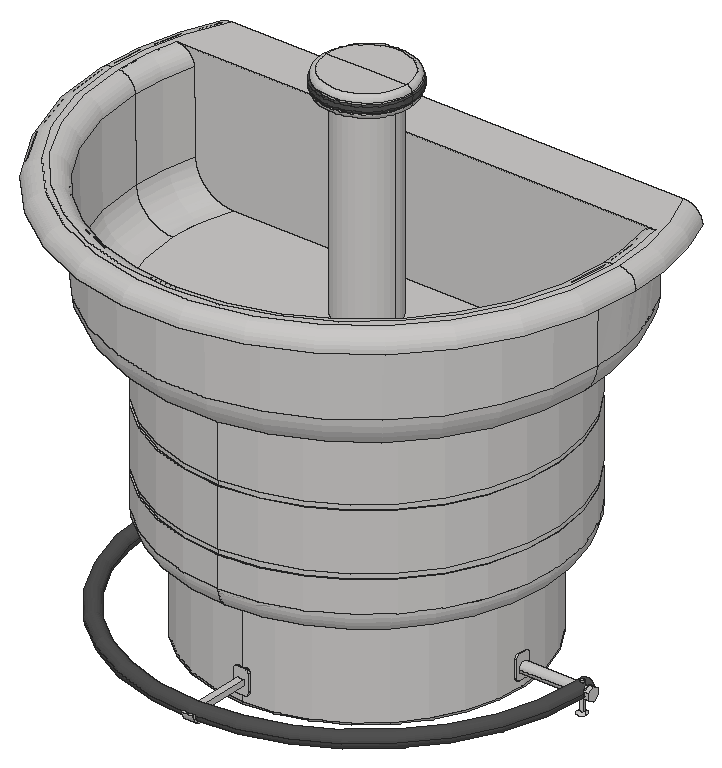
Revit family "Washfountain_Lavatory-Bradley_Corp-WF2703-Type_O_Drain", category Plumbing Fixtures, Revit 2012
Parameters
  Width = 36.000"
  Warranty Information = ""
  WFU = 0
  Voltage = 110 V
  Version = "2.0"
  URL = "http://www.bradleycorp.com/"
  Towel Dispenser Holder [instance] = if((Soap Dispenser), 4.875", 13.375")  # 13.375"
  Towel Dispenser Height [instance] = if((Sensor Module), 50.750", 47.250")  # 47.250"
  TouchTime® Control [instance] = no
  Technical Data = "n/a"
  Supply Height [instance] = if(and(Sensor Module, Soap Dispenser, Towel Dispenser), 67.063", if(and(Sensor Module, Soap Dispenser, No Towel Dispenser), 45.875", if(and(Sensor Module, No Soap Dispenser, No Towel Dispenser), 37.375", if(and(Sensor Module, No Soap Dispenser, Towel Dispenser), 67.063", if(and(No Sensor Module, No Soap Dispenser, No Towel Dispenser), 33.875", if(and(No Sensor Module, No Soap Dispenser, Towel Dispenser), 63.563", if(and(No Sensor Module, Soap Dispenser, No Towel Dispenser), 42.375", 63.563")))))))  # 33.875"
  Spray Head Height = 33.875"
  Specifications URL = "http://www.bradleycorp.com/3partspec"
  Soap Dispenser Holder [instance] = 2.500"  # constant formula
  Soap Dispenser Height [instance] = if((Sensor Module), 45.875", 42.375")  # 42.375"
  Sensor Module Height = 37.375"
  Sensor Module [instance] = not(Foot Control Valve)  # no
  Rim Height = 28.000"
  Product Tech Data URL - Spanish = ""
  Product Tech Data URL - French = ""
  Product Tech Data URL - English = "http://bradleycorp.com/download/2241/2017.pdf"
  Pedestal Material = Metal - Bradley Corp - Stainless Steel - Satin
  Pedestal Height = 19.000"
  Operating Water Pressure Range = "20 - 80 PSI"
  OmniClass Table 23 Title = "Sinks/Lavatories"
  OmniClass Table 23 Number = "23-31 13 00"
  OmniClass Table 21 Title = "Plumbing Fixtures"
  OmniClass Table 21 Number = "21-04 20 10 60"
  No Towel Dispenser [instance] = not(Towel Dispenser)  # yes
  No Soap Dispenser [instance] = not(Soap Dispenser)  # yes
  No Sensor Module [instance] = not(Sensor Module)  # yes
  Modeling Code = ""
  Model = "WF2703"
  Material Note = ""
  MasterFormat Title = "Commercial Lavatories and Sinks"
  MasterFormat Number = "22 42 16"
  Manufacturer = "Bradley Corp"
  Industry Standards = ""
  Hot Lavatory Inlet Radius = Hot Lavatory Inlet / 2  # 1/4"
  Hot Lavatory Inlet = 1/2"
  HWFU = 0
  Frequency = 50 Hz
  Foot Control Valve [instance] = not(or(TouchTime® Control, Air Valve Hand Control, Adaptive Infrared Activation Control))  # yes
  Flow Rate = 1.25 GPM
  Fire Rating = "n/a"
  Drain Secondary Radius = Drain Secondary / 2  # 1"
  Drain Secondary = 2"
  Drain Primary Radius = Drain Primary / 2  # 1"
  Drain Primary = 2"
  Drain Height [instance] = 12.000"
  Description = "Washfountain, 36\" Semi Circular with 9\" Deep Bowl"
  Copyright = "This Model Data is Property of Bradley Corporation"
  Cold Lavatory Inlet Radius = Cold Lavatory Inlet / 2  # 1/4"
  Cold Lavatory Inlet = 1/2"
  CWFU = 0
  Buy American Act = "No"
  Button Visibility [instance] = or(TouchTime® Control, Air Valve Hand Control)  # no
  Bowl Material [instance] = Metal - Bradley Corp - Stainless Steel - Polished
  Assembly Code = "D2010300"
  Air Valve Hand Control [instance] = no
  Adaptive Infrared Activation Control [instance] = no
  ADA Compliant = "Yes"
  Soap Dispenser [instance] = no
  Towel Dispenser [instance] = no
Reference planes (in)
  plane 1 "Center (Front/Back)": y = 0
  plane 2: z = 0
  plane 3 "Center (Left/Right)": x = 0
  plane 4 "Left": x = -18
  plane 5 "Right": x = 18
  plane 6 "Towel Dispenser": z = 47.25
  plane 7 "Soap Dispenser": z = 42.375
  plane 8 "Sensor Module": z = 37.375
  plane 9 "Spray Head": z = 33.875
  plane 10 "Rim Height": z = 28
  plane 11 "Pedestal Height": z = 19
  plane 12: y = -7.6967
  plane 13: z = 36.375
  plane 14 "Front": y = -26.03001
Forms (in)
  Sweep 1, solid, material "Metal - Bradley Corp - Stainless Steel - Polished" <- "Bowl Material", detail levels medium+fine
    path in 3D
      loop
        arc (18.28, -7.75, 28) -> (0, 10.53, 28) -> (-18.28, -7.75, 28) r 18.28
        arc (-18.28, -7.75, 28) -> (0, -26.03, 28) -> (18.28, -7.75, 28) r 18.28
    profile origin (0, -26.03, 28) x (0, 1, 0) y (0, 0, 1)
      loop
        line (16.3333, -9) -> (16.3333, -8.88) -> (5.20078, -8.88)
        arc (5.20078, -8.88) -> (3.4987, -8.21109) -> (2.70744, -6.56231) r 2.5
        line (2.70744, -6.56231) -> (2.65999, -1.125)
        arc (2.65999, -1.125) -> (2.33049, -0.3295) -> (1.53499, 0.00011) r 1.125
        line (1.53499, 0.00011) -> (1.12499, 0)
        arc (1.12499, 0) -> (0.3295, -0.3295) -> (-0.00001, -1.125) r 1.125
        line (-0.00001, -1.125) -> (0.11999, -1.125)
        arc (0.11999, -1.125) -> (0.41435, -0.41436) -> (1.12499, -0.11989) r 1.005
        line (1.12499, -0.11989) -> (1.53499, -0.12025)
        arc (1.53499, -0.12025) -> (2.24563, -0.41461) -> (2.53999, -1.12525) r 1.005
        line (2.53999, -1.12525) -> (2.58748, -6.56717)
        arc (2.58748, -6.56717) -> (3.41556, -8.29765) -> (5.20078, -9) r 2.62
        line (5.20078, -9) -> (16.3333, -9)
  Extrusion 2, void
    sketch origin (0, 0, 28) x (-1, 0, 0) y (0, -1, 0)
      loop
        line (18, -14) -> (18, 0) -> (-18, 0) -> (-18, -14) -> (18, -14)
    from -28 to 5.875
  Sweep 3, solid, material "Metal - Bradley Corp - Stainless Steel - Polished" <- "Bowl Material", detail levels coarse
    path in 3D
      loop
        arc (18.28, -7.75, 28) -> (0, 10.53, 28) -> (-18.28, -7.75, 28) r 18.28
        arc (-18.28, -7.75, 28) -> (0, -26.03, 28) -> (18.28, -7.75, 28) r 18.28
    profile origin (0, -26.03, 28) x (0, 1, 0) y (0, 0, 1)
      loop
        line (0, 0) -> (0, -1.125) -> (0.12, -1.125) -> (0.12, -0.12) -> (2.53999, -0.12) -> (2.53999, -9) -> (16.3333, -9) -> (16.3333, -8.88) -> (2.65999, -8.88) -> (2.65999, 0) -> (0, 0)
  Revolve 4, solid, material "Metal - Bradley Corp - Stainless Steel - Satin" <- "Pedestal Material", detail levels medium+fine
    sketch origin (0, 0, 0) x (0, 1, 0) y (0, 0, 1)
      loop
        line (-20.25001, 10.34788) -> (-20.17078, 10.34788) -> (-20.17078, 9.97288) -> (-20.25001, 9.97288) -> (-20.25001, 7.88979)
        arc (-20.25001, 7.88979) -> (-19.80162, 6.80727) -> (-18.7191, 6.35887) r 1.53091
        line (-18.7191, 6.35887) -> (-7.6967, 6.35887) -> (-7.6967, 19) -> (-20.25001, 19) -> (-20.25001, 14.53538) -> (-20.16608, 14.53538) -> (-20.16608, 14.16038) -> (-20.25001, 14.16038) -> (-20.25001, 10.34788)
      axis (-7.6967, 19) -> (-7.6967, 6.35887)
    angle from 0 to 360
  Revolve 5, solid, material "Metal - Bradley Corp - Stainless Steel - Satin" <- "Pedestal Material", detail levels coarse
    sketch origin (0, 0, 0) x (0, 1, 0) y (0, 0, 1)
      loop
        line (-20.25001, 19) -> (-20.25001, 6.35887) -> (-7.6967, 6.35887) -> (-7.6967, 19) -> (-20.25001, 19)
      axis (-7.6967, 19) -> (-7.6967, 6.35887)
    angle from 0 to 360
  Revolve 6, solid, material "Metal - Bradley Corp - Stainless Steel - Satin"
    sketch origin (0, 0, 0) x (0, 1, 0) y (0, 0, 1)
      loop
        arc (-18.18806, 0.1416) -> (-18.14659, 0.04147) -> (-18.04646, 0) r 0.1416
        line (-18.04646, 0) -> (-7.6967, 0) -> (-7.6967, 6.35887) -> (-17.97405, 6.35888) -> (-17.97405, 6.04595) -> (-18.18806, 6.04595) -> (-18.18806, 0.1416)
      axis (-7.6967, 6.35888) -> (-7.6967, 0)
    angle from 0 to 360
  Revolve 7, solid, material "Metal - Bradley Corp - Stainless Steel - Satin", detail levels medium+fine
    sketch origin (-3, -7.6967, 33.875) x (1, 0, 0) y (0, 0, 1)
      loop
        arc (0.31013, 0) -> (0.06618, -0.10105) -> (-0.03487, -0.345) r 0.345
        line (-0.03487, -0.345) -> (-0.03487, -0.44471)
        arc (-0.03487, -0.44471) -> (-0.09873, -0.47343) -> (-0.12487, -0.53838) r 0.09375
        line (-0.12487, -0.53838) -> (-0.12487, -0.85088)
        arc (-0.12487, -0.85088) -> (-0.09873, -0.91583) -> (-0.03487, -0.94456) r 0.09375
        line (-0.03487, -0.94456) -> (-0.03487, -1.04463)
        arc (-0.03487, -1.04463) -> (0.06618, -1.28859) -> (0.31013, -1.38963) r 0.345
        line (0.31013, -1.38963) -> (1.00013, -1.38963) -> (1.00013, -14.875) -> (3, -14.875) -> (3, 0) -> (0.31013, 0)
      axis (3, 0) -> (3, -14.875)
    angle from 0 to 360
  Revolve 8, solid, material "Metal - Bradley Corp - Stainless Steel - Satin", detail levels coarse
    sketch origin (-3, -7.6967, 33.875) x (1, 0, 0) y (0, 0, 1)
      loop
        line (-0.12487, -0.44471) -> (-0.12487, -0.94456) -> (0.31085, -1.38963) -> (1.00013, -1.38963) -> (1.00013, -14.875) -> (3, -14.875) -> (3, 0.00012) -> (0.31013, 0.00012) -> (-0.12487, -0.44471)
      axis (3, 0.00012) -> (3, -14.875)
    angle from 0 to 360
  Revolve 9, solid, material "Metal - Bradley Corp - Stainless Steel - Satin", visible <- "Sensor Module", detail levels fine
    sketch origin (-3, -7.6967, 37.375) x (1, 0, 0) y (0, 0, 1)
      loop
        arc (-1.45317, -0.20636) -> (-1.54025, -0.24993) -> (-1.57537, -0.34075) r 0.135
        line (-1.57537, -0.34075) -> (-1.57537, -0.56538) -> (-1.49987, -0.56538) -> (-1.49987, -1.98683)
        arc (-1.49987, -1.98683) -> (-1.48077, -2.08267) -> (-1.42639, -2.16387) r 0.25
        line (-1.42639, -2.16387) -> (-0.82283, -2.76742)
        arc (-0.82283, -2.76742) -> (-0.74182, -2.82142) -> (-0.64632, -2.84038) r 0.25
        line (-0.64632, -2.84038) -> (1.00013, -2.84038) -> (1.00013, -3.5) -> (3, -3.5) -> (3, 0) -> (0.90513, 0) -> (-1.45612, -0.2063)
      axis (3, 0) -> (3, -3.5)
    angle from 0 to 360
  Revolve 10, solid, material "Metal - Bradley Corp - Stainless Steel - Satin", visible <- "Sensor Module", detail levels coarse+medium
    sketch origin (-3, -7.6967, 37.375) x (1, 0, 0) y (0, 0, 1)
      loop
        line (-1.57537, -2.01488) -> (-0.74987, -2.84038) -> (1.00013, -2.84038) -> (1.00013, -3.5) -> (3, -3.5) -> (3, 0) -> (-1.57537, 0) -> (-1.57537, -2.01488)
      axis (3, 0) -> (3, -3.5)
    angle from 0 to 360
  Revolve 11, solid, material "Metal - Bradley Corp - Stainless Steel - Satin", visible <- "Soap Dispenser", detail levels fine
    sketch origin (-3, -7.6967, 42.375) x (1, 0, 0) y (0, 0, 1)
      loop
        line (-3.01408, -1.64235) -> (-2.98301, -1.64235) -> (-2.98301, -2.89235) -> (-2.93039, -2.89235) -> (-2.93039, -4.14235) -> (-2.87777, -4.14235) -> (-2.87777, -5.39235) -> (-2.81, -5.39235) -> (-2.81, -6) -> (3, -6) -> (3, 0) -> (-1.15684, 0)
        arc (-1.15684, 0) -> (-2.16098, -0.12055) -> (-3.13971, -0.37529) r 7.48917
        line (-3.13971, -0.37529) -> (-3.13971, -1.00047) -> (-3.01408, -1.00047) -> (-3.01408, -1.64235)
      axis (3, 0) -> (3, -6)
    angle from 360 to 180
  Revolve 12, solid, material "Metal - Bradley Corp - Stainless Steel - Satin", visible <- "Soap Dispenser", detail levels coarse+medium
    sketch origin (-3, -7.6967, 42.375) x (1, 0, 0) y (0, 0, 1)
      loop
        line (-3.13971, -1.00047) -> (-2.81, -6) -> (3, -6) -> (3, -1.00047) -> (-3.13971, -1.00047)
      axis (3, -1.00047) -> (3, -6)
    angle from 360 to 180
  Extrusion 13, solid, material "Metal - Bradley Corp - Stainless Steel - Satin", visible <- "Soap Dispenser", detail levels fine
    sketch origin (-3, -7.6967, 42.375) x (1, 0, 0) y (0, 0, 1)
      loop
        line (-3.01408, -1.64235) -> (-2.98301, -1.64235) -> (-2.98301, -2.89235) -> (-2.93039, -2.89235) -> (-2.93039, -4.14235) -> (-2.87777, -4.14235) -> (-2.87777, -5.39235) -> (-2.81, -5.39235) -> (-2.81, -6) -> (8.81, -6) -> (8.81, -5.39235) -> (8.87777, -5.39235) -> (8.87777, -4.14235) -> (8.93039, -4.14235) -> (8.93039, -2.89235) -> (8.98301, -2.89235) -> (8.98301, -1.64235) -> (9.01408, -1.64235) -> (9.01408, -1.00047) -> (9.13971, -1.00047) -> (9.13971, -0.37529)
        arc (9.13971, -0.37529) -> (8.16098, -0.12055) -> (7.15684, 0) r 7.48917
        line (7.15684, 0) -> (-1.15684, 0)
        arc (-1.15684, 0) -> (-2.16098, -0.12055) -> (-3.13971, -0.37529) r 7.48917
        line (-3.13971, -0.37529) -> (-3.13971, -1.00047) -> (-3.01408, -1.00047) -> (-3.01408, -1.64235)
    from 0 to -2.25
  Extrusion 14, solid, material "Metal - Bradley Corp - Stainless Steel - Satin", visible <- "Soap Dispenser", detail levels coarse+medium
    sketch origin (-3, -7.6967, 42.375) x (1, 0, 0) y (0, 0, 1)
      loop
        line (-3.13971, -1.00047) -> (-2.81, -6) -> (8.81, -6) -> (9.13971, -1.00047) -> (-3.13971, -1.00047)
    from 0 to -2.25
  Extrusion 15, solid, material "Metal - Bradley Corp - Stainless Steel - Satin", visible <- "Towel Dispenser"
    sketch origin (0, 0, 47.25) x (-1, 0, 0) y (0, -1, 0)
      loop
        line (0.06458, 14.08484) -> (-0.06458, 14.08484) -> (-5.56458, 4.55856) -> (-5.5, 4.4467) -> (5.5, 4.4467) -> (5.56458, 4.55856) -> (0.06458, 14.08484)
      loop
        circle (0, 7.6967) r 2
    from 14.62567 to 14.12567
  Extrusion 16, solid, material "Metal - Bradley Corp - Stainless Steel - Satin", visible <- "Towel Dispenser"
    sketch origin (-0.06458, -14.08484, 47.25) x (0, 0, 1) y (-0.866025, -0.5, 0)
      loop
        line (0, 0) -> (15.313, 0) -> (14.62567, 4) -> (1.37502, 4) -> (0, 1.75) -> (0, 0)
    from 0 to -11
  Extrusion 17, solid, material "Metal - Bradley Corp - Stainless Steel - Satin", visible <- "Towel Dispenser"
    sketch origin (5.56458, -4.55856, 47.25) x (0, 0, 1) y (0.866025, -0.5, 0)
      loop
        line (0, 0) -> (15.313, 0) -> (14.62567, 4) -> (1.37502, 4) -> (0, 1.75) -> (0, 0)
    from 0 to -11
  Extrusion 18, solid, material "Metal - Bradley Corp - Stainless Steel - Satin", visible <- "Towel Dispenser"
    sketch origin (0, 0, 47.25) x (-1, 0, 0) y (0, -1, 0)
      loop
        line (0.06458, 14.08484) -> (-0.06458, 14.08484) -> (-5.56458, 4.55856) -> (-5.5, 4.4467) -> (5.5, 4.4467) -> (5.56458, 4.55856) -> (0.06458, 14.08484)
      loop
        circle (0, 7.6967) r 2
    from 1.0786 to 1.5786
  Extrusion 19, solid, material "Metal - Bradley Corp - Stainless Steel - Satin", visible <- "Towel Dispenser"
    sketch origin (0, 0, 47.25) x (-1, 0, 0) y (0, -1, 0)
      loop
        circle (0, 7.6967) r 2
    from -13.375 to 16.313
  Extrusion 20, solid, material "Metal - Bradley Corp - Stainless Steel - Satin", visible <- "Soap Dispenser"
    sketch origin (0, 0, 42.375) x (-1, 0, 0) y (0, -1, 0)
      loop
        circle (0, 7.6967) r 2
    from -6 to -8.5
  Extrusion 21, solid, material "Metal - Bradley Corp - Stainless Steel - Polished", detail levels medium+fine
    sketch origin (0, 0, 28) x (-1, 0, 0) y (0, -1, 0)
      loop
        circle (-4, 7.6967) r 1.75
      loop
        circle (-4, 7.6967) r 0.1842
      loop
        circle (-4, 6.81899) r 0.1842
      loop
        circle (-3.12229, 7.6967) r 0.1842
      loop
        circle (-4, 8.57441) r 0.1842
      loop
        circle (-4.87771, 7.6967) r 0.1842
      loop
        circle (-4.62063, 7.07606) r 0.1842
      loop
        circle (-3.37937, 7.07606) r 0.1842
      loop
        circle (-3.37937, 8.31733) r 0.1842
      loop
        circle (-4.62063, 8.31733) r 0.1842
    from -8.88 to -8.93903
  Extrusion 22, void
    sketch origin (0, 0, 28) x (-1, 0, 0) y (0, -1, 0)
      loop
        circle (-4, 7.6967) r 1.75
    from -9 to -5.94946
  Sweep 23, solid, material "Plastic - Bradley Corp - Black", visible <- "Foot Control Valve"
    path in 3D
      loop
        line (15.00846, -7.1967, 0) -> (15.00846, -7.6967, 0)
        arc (15.00846, -7.6967, 0) -> (0, -22.70516, 0) -> (-15.00846, -7.6967, 0) r 15.00846
        line (-15.00846, -7.6967, 0) -> (-15.00846, -7.1967, 0)
    profile origin (-15.00846, -7.4467, 0) x (-1, 0, 0) y (0, 0, 1)
      loop
        circle (-0.5, 1.42499) r 0.49941
  Extrusion 24, solid, material "Metal - Bradley Corp - Stainless Steel - Satin", visible <- "Foot Control Valve", detail levels medium+fine
    sketch origin (0, 0, 0) x (0, 1, 0) y (0, 0, 1)
      loop
        line (-7.37851, 1.63949) -> (-7.75001, 1.85397) -> (-8.12151, 1.63949) -> (-8.12151, 1.21051) -> (-7.75001, 0.99603) -> (-7.37851, 1.21051) -> (-7.37851, 1.63949)
    from -15.32813 to -15.01563
  Extrusion 25, solid, material "Metal - Bradley Corp - Stainless Steel - Satin", visible <- "Foot Control Valve", detail levels medium+fine
    sketch origin (0, 0, 0) x (0, 1, 0) y (0, 0, 1)
      loop
        line (-7.75001, 1.85397) -> (-8.12151, 1.63948) -> (-8.12151, 1.21051) -> (-7.75001, 0.99603) -> (-7.37851, 1.21051) -> (-7.37851, 1.63949) -> (-7.75001, 1.85397)
    from 15.37923 to 15.04349
  Extrusion 26, solid, material "Metal - Bradley Corp - Stainless Steel - Satin", visible <- "Foot Control Valve"
    sketch origin (0, 0, 0) x (0, 1, 0) y (0, 0, 1)
      loop
        circle (-7.75001, 1.425) r 0.3715
    from -15.01563 to -10.61637
  Extrusion 27, solid, material "Metal - Bradley Corp - Stainless Steel - Satin", visible <- "Foot Control Valve"
    sketch origin (0, 0, 0) x (0, 1, 0) y (0, 0, 1)
      loop
        circle (-7.75001, 1.42499) r 0.3715
    from 10.61637 to 15.04349
  Extrusion 28, solid, material "Metal - Bradley Corp - Stainless Steel - Satin", visible <- "Foot Control Valve", detail levels fine
    sketch origin (0, 0, 0) x (1, 0, 0) y (0, 1, 0)
      loop
        circle (-14.57813, -7.6967) r 0.12
      loop
        circle (14.57813, -7.6967) r 0.12
    from 0.1445 to 1.99999
  Blend 29, solid, material "Metal - Bradley Corp - Stainless Steel - Satin", visible <- "Foot Control Valve", detail levels fine
    base sketch origin (0, 0, 0) x (1, 0, 0) y (0, 1, 0)
      loop
        circle (-14.57813, -7.6967) r 0.12
    top sketch origin (0, 0, 0) x (1, 0, 0) y (0, 1, 0)
      loop
        circle (-14.57813, -7.6967) r 0.327
    from 0.1445 to 0
  Blend 30, solid, material "Metal - Bradley Corp - Stainless Steel - Satin", visible <- "Foot Control Valve", detail levels fine
    base sketch origin (0, 0, 0) x (1, 0, 0) y (0, 1, 0)
      loop
        circle (14.57813, -7.6967) r 0.12
    top sketch origin (0, 0, 0) x (1, 0, 0) y (0, 1, 0)
      loop
        circle (14.57813, -7.6967) r 0.327
    from 0.1445 to 0
  Extrusion 31, solid, material "Metal - Bradley Corp - Stainless Steel - Satin", visible <- "Foot Control Valve"
    sketch origin (0, 0, 0) x (0, 1, 0) y (0, 0, 1)
      loop
        line (-7.25001, 0.921) -> (-7.25001, 2.046)
        arc (-7.25001, 2.046) -> (-7.32323, 2.22278) -> (-7.50001, 2.296) r 0.25
        line (-7.50001, 2.296) -> (-8.00001, 2.296)
        arc (-8.00001, 2.296) -> (-8.17679, 2.22278) -> (-8.25001, 2.046) r 0.25
        line (-8.25001, 2.046) -> (-8.25001, 0.921)
        arc (-8.25001, 0.921) -> (-8.17679, 0.74422) -> (-8.00001, 0.671) r 0.25
        line (-8.00001, 0.671) -> (-7.50001, 0.671)
        arc (-7.50001, 0.671) -> (-7.32323, 0.74422) -> (-7.25001, 0.921) r 0.25
    from -10.61637 to -10.49137
  Extrusion 32, solid, material "Metal - Bradley Corp - Stainless Steel - Satin", visible <- "Foot Control Valve"
    sketch origin (0, 0, 0) x (0, 1, 0) y (0, 0, 1)
      loop
        line (-7.50001, 2.296) -> (-8.00001, 2.296)
        arc (-8.00001, 2.296) -> (-8.17679, 2.22278) -> (-8.25001, 2.046) r 0.25
        line (-8.25001, 2.046) -> (-8.25001, 0.921)
        arc (-8.25001, 0.921) -> (-8.17679, 0.74422) -> (-8.00001, 0.671) r 0.25
        line (-8.00001, 0.671) -> (-7.50001, 0.671)
        arc (-7.50001, 0.671) -> (-7.32323, 0.74422) -> (-7.25001, 0.921) r 0.25
        line (-7.25001, 0.921) -> (-7.25001, 2.046)
        arc (-7.25001, 2.046) -> (-7.32323, 2.22278) -> (-7.50001, 2.296) r 0.25
    from 10.49137 to 10.61637
  Extrusion 33, solid, material "Metal - Bradley Corp - Stainless Steel - Satin", visible <- "Foot Control Valve", detail levels fine
    sketch origin (0, 0, 0) x (0, 1, 0) y (0, 0, 1)
      loop
        arc (-22.70153, 1.42499) -> (-22.75153, 1.47499) -> (-22.80153, 1.42499) r 0.05
        arc (-22.80153, 1.42499) -> (-22.10066, 0.83423) -> (-21.63707, 1.62499) r 0.59941
        line (-21.63707, 1.62499) -> (-21.74452, 1.62499)
        arc (-21.74452, 1.62499) -> (-22.09997, 0.93614) -> (-22.70153, 1.42499) r 0.49941
    from -0.40046 to 0.4
  Extrusion 34, solid, material "Metal - Bradley Corp - Stainless Steel - Satin", visible <- "Foot Control Valve", detail levels fine
    sketch origin (0, 0, 0) x (0, 1, 0) y (0, 0, 1)
      loop
        arc (-21.63707, 1.62499) -> (-21.60272, 1.42499) -> (-21.63707, 1.22499) r 0.59941
        line (-21.63707, 1.22499) -> (-18.31306, 1.22499) -> (-18.31306, 1.62499) -> (-21.63707, 1.62499)
    from -0.2 to 0.2
  Extrusion 35, solid, material "Default", not visible, detail levels fine
    sketch origin (0, 0, 0) x (1, 0, 0) y (0, 1, 0)
      loop
        circle (-0.875, -6.5) r 0.25
      loop
        circle (0.875, -6.5) r 0.25
    from 0 to 33.875
  Extrusion 36, solid, material "Metal - Bradley Corp - Stainless Steel - Satin", not visible, detail levels fine
    sketch origin (0, 0, 0) x (1, 0, 0) y (0, 1, 0)
      loop
        circle (4, -7.75) r 1
    from 0 to 3
  Extrusion 37, solid, material "Default", not visible, detail levels fine
    sketch origin (-3, -7.6967, 42.375) x (1, 0, 0) y (0, 0, 1)
      loop
        line (-0.5, -30.304) -> (-1.5, -30.304) -> (-1.5, -32.304) -> (-0.5, -32.304) -> (-0.5, -30.304)
    from -7.6967 to -4.6967
  Extrusion 38, solid, material "Metal - Bradley Corp - Stainless Steel - Satin", visible <- "Foot Control Valve", detail levels fine
    sketch origin (0, 0, 0) x (1, 0, 0) y (0, 0, 1)
      loop
        arc (-0.5, 0.921) -> (-0.42678, 0.74422) -> (-0.25, 0.671) r 0.25
        line (-0.25, 0.671) -> (0.25, 0.671)
        arc (0.25, 0.671) -> (0.42678, 0.74422) -> (0.5, 0.921) r 0.25
        line (0.5, 0.921) -> (0.5, 2.046)
        arc (0.5, 2.046) -> (0.42678, 2.22278) -> (0.25, 2.296) r 0.25
        line (0.25, 2.296) -> (-0.25, 2.296)
        arc (-0.25, 2.296) -> (-0.42678, 2.22278) -> (-0.5, 2.046) r 0.25
        line (-0.5, 2.046) -> (-0.5, 0.921)
    from 18.18806 to 18.31306
  Revolve 39, solid, material "Plastic - Bradley Corp - Black", visible <- "Soap Dispenser", detail levels coarse+medium
    sketch origin (-3, -7.6967, 42.375) x (1, 0, 0) y (0, 0, 1)
      loop
        line (3, 0) -> (-3.20569, 0) -> (-3.13971, -1.00047) -> (3, -1.00047) -> (3, 0)
      axis (3, 0) -> (3, -1.00047)
    angle from 180 to 360
  Extrusion 40, solid, material "Plastic - Bradley Corp - Black", visible <- "Soap Dispenser", detail levels coarse+medium
    sketch origin (-3, -7.6967, 42.375) x (1, 0, 0) y (0, 0, 1)
      loop
        line (-3.13971, -1.00047) -> (9.13971, -1.00047) -> (9.20569, 0) -> (-3.20569, 0) -> (-3.13971, -1.00047)
    from 0 to -2.25
  Extrusion 41, solid, material "Metal - Bradley Corp - Stainless Steel - Polished", visible <- "Button Visibility"
    sketch origin (-3, -7.6967, 37.375) x (1, 0, 0) y (0, 0, 1)
      loop
        circle (3, -1.29013) r 0.5
    from 4.57537 to 4.97537
  Extrusion 42, solid, material "Metal - Bradley Corp - Stainless Steel - Polished", visible <- "Button Visibility", detail levels fine
    sketch origin (-3, -7.6967, 37.375) x (1, 0, 0) y (0, 0, 1)
      loop
        circle (3, -1.29013) r 0.25
    from 4.5 to 4.57537
  Extrusion 43, solid, material "Metal - Bradley Corp - Stainless Steel - Polished" <- "Bowl Material", detail levels coarse
    sketch origin (0, 0, 28) x (-1, 0, 0) y (0, -1, 0)
      loop
        arc (-15.02958, 3.496) -> (-14.40216, 1.7033) -> (-13.56179, 0) r 15.62001
        line (-13.56179, 0) -> (13.56179, 0)
        arc (13.56179, 0) -> (14.40216, 1.7033) -> (15.02958, 3.496) r 15.62001
        line (15.02958, 3.496) -> (-15.02958, 3.496)
    from -8.88 to 0
  Extrusion 44, solid, material "Metal - Bradley Corp - Stainless Steel - Polished" <- "Bowl Material", detail levels medium+fine
    sketch origin (0, 0, 28) x (-1, 0, 0) y (0, -1, 0)
      loop
        arc (14.85408, 0) -> (15.7062, 1.70204) -> (16.34242, 3.496) r 15.44001
        line (16.34242, 3.496) -> (-16.34242, 3.496)
        arc (-16.34242, 3.496) -> (-15.7062, 1.70204) -> (-14.85408, 0) r 15.44001
        line (-14.85408, 0) -> (14.85408, 0)
    from -8.88 to 0
  Sweep 45, void
    path in 3D
      loop
        arc (18.28, -7.75, 28) -> (0, 10.53, 28) -> (-18.28, -7.75, 28) r 18.28
        arc (-18.28, -7.75, 28) -> (0, -26.03, 28) -> (18.28, -7.75, 28) r 18.28
    profile origin (0, -26.03, 28) x (0, 1, 0) y (0, 0, 1)
      loop
        line (2.64746, -6.56475) -> (2.59999, -1.12499)
        arc (2.59999, -1.12499) -> (2.28797, -0.37209) -> (1.53499, -0.05989) r 1.065
        line (1.53499, -0.05989) -> (1.12499, -0.06)
        arc (1.12499, -0.06) -> (0.37192, -0.37193) -> (0.05999, -1.125) r 1.065
        line (0.05999, -1.125) -> (0.05999, -9) -> (5.77999, -9) -> (5.77999, -8.94) -> (5.20078, -8.94)
        arc (5.20078, -8.94) -> (3.45713, -8.25437) -> (2.64746, -6.56475) r 2.56
  Extrusion 46, solid, material "Default", not visible
    sketch origin (0, 0, 0) x (1, 0, 0) y (0, 0, 1)
      loop
        circle (4, 12) r 1
    from 0 to 3
Cuts and joins
  Extrusion 2, Extrusion 22 cuts Sweep 1
  Sweep 45 cuts Extrusion 44
  joined: Sweep 1, Extrusion 44
  Extrusion 2, Extrusion 22 cuts Sweep 3
  joined: Sweep 3, Extrusion 43
  Extrusion 2 cuts Revolve 4
  Extrusion 2 cuts Revolve 5
  Extrusion 2 cuts Revolve 6
  joined: Revolve 11, Extrusion 13
  joined: Revolve 12, Extrusion 14
  joined: Extrusion 26, Extrusion 27
  joined: Revolve 39, Extrusion 40
Lines and regions (in)
  Masking region 1, detail levels medium+fine
    outline origin (-3, -7.6967, 33.875) x (1, 0, 0) y (0, 0, 1)
      loop
        arc (0.31013, 0) -> (0.06618, -0.10105) -> (-0.03487, -0.345) r 0.345
        line (-0.03487, -0.345) -> (-0.03487, -0.44471)
        arc (-0.03487, -0.44471) -> (-0.09873, -0.47343) -> (-0.12487, -0.53838) r 0.09375
        line (-0.12487, -0.53838) -> (-0.12487, -0.85088)
        arc (-0.12487, -0.85088) -> (-0.09873, -0.91583) -> (-0.03487, -0.94456) r 0.09375
        line (-0.03487, -0.94456) -> (-0.03487, -1.04463)
        arc (-0.03487, -1.04463) -> (0.06618, -1.28859) -> (0.31013, -1.38963) r 0.345
        line (0.31013, -1.38963) -> (1.00013, -1.38963) -> (1.00013, -5.875) -> (5.00013, -5.875) -> (5.00013, -1.38963) -> (5.68987, -1.38963)
        arc (5.68987, -1.38963) -> (5.93382, -1.28859) -> (6.03487, -1.04463) r 0.345
        line (6.03487, -1.04463) -> (6.03487, -0.94456)
        arc (6.03487, -0.94456) -> (6.09873, -0.91583) -> (6.12487, -0.85088) r 0.09375
        line (6.12487, -0.85088) -> (6.12487, -0.53838)
        arc (6.12487, -0.53838) -> (6.09873, -0.47343) -> (6.03487, -0.44471) r 0.09375
        line (6.03487, -0.44471) -> (6.03487, -0.34463)
        arc (6.03487, -0.34463) -> (5.93382, -0.10105) -> (5.68987, 0) r 0.345
        line (5.68987, 0) -> (0.31013, 0)
  Masking region 2, detail levels coarse
    outline origin (-3, -7.6967, 33.875) x (1, 0, 0) y (0, 0, 1)
      loop
        line (-0.12487, -0.44471) -> (-0.12487, -0.94456) -> (0.31085, -1.38963) -> (1.00013, -1.38963) -> (1.00013, -5.875) -> (5.00013, -5.875) -> (5.00013, -1.38963) -> (5.68915, -1.38963) -> (6.12487, -0.94456) -> (6.12487, -0.44471) -> (5.68999, 0) -> (0.31001, 0) -> (-0.12487, -0.44471)
  Masking region 3, visible <- "Sensor Module", detail levels coarse+medium
    outline origin (-3, -7.6967, 37.375) x (1, 0, 0) y (0, 0, 1)
      loop
        line (-1.57537, 0) -> (-1.57537, -2.01488) -> (-0.74987, -2.84038) -> (1.00013, -2.84038) -> (1.00013, -3.5) -> (4.99987, -3.5) -> (4.99987, -2.84038) -> (6.74987, -2.84038) -> (7.57537, -2.01488) -> (7.57537, 0) -> (-1.57537, 0)
  Masking region 4, visible <- "Sensor Module", detail levels fine
    outline origin (-3, -7.6967, 37.375) x (1, 0, 0) y (0, 0, 1)
      loop
        arc (-1.45317, -0.20636) -> (-1.54025, -0.24993) -> (-1.57537, -0.34075) r 0.135
        line (-1.57537, -0.34075) -> (-1.57537, -0.56538) -> (-1.49987, -0.56538) -> (-1.49987, -1.98683)
        arc (-1.49987, -1.98683) -> (-1.48077, -2.08267) -> (-1.42639, -2.16387) r 0.25
        line (-1.42639, -2.16387) -> (-0.82283, -2.76742)
        arc (-0.82283, -2.76742) -> (-0.74182, -2.82142) -> (-0.64632, -2.84038) r 0.25
        line (-0.64632, -2.84038) -> (1.00013, -2.84038) -> (1.00013, -3.5) -> (4.99987, -3.5) -> (4.99987, -2.84038) -> (6.64632, -2.84038)
        arc (6.64632, -2.84038) -> (6.74182, -2.82142) -> (6.82283, -2.76742) r 0.25
        line (6.82283, -2.76742) -> (7.42639, -2.16387)
        arc (7.42639, -2.16387) -> (7.48077, -2.08267) -> (7.49987, -1.98683) r 0.25
        line (7.49987, -1.98683) -> (7.49987, -0.56538) -> (7.57537, -0.56538) -> (7.57537, -0.34075)
        arc (7.57537, -0.34075) -> (7.54025, -0.24993) -> (7.45317, -0.20636) r 0.135
      loop
        line (7.45612, -0.2063) -> (5.09487, 0) -> (0.90513, 0) -> (-1.45612, -0.2063)
  Masking region 5, visible <- "Soap Dispenser", detail levels coarse+medium
    outline origin (-3, -7.6967, 42.375) x (1, 0, 0) y (0, 0, 1)
      loop
        line (-3.20569, 0) -> (-2.81, -6) -> (8.81, -6) -> (9.20569, 0) -> (-3.20569, 0)
  Masking region 6, visible <- "Soap Dispenser", detail levels fine
    outline origin (-3, -7.6967, 42.375) x (1, 0, 0) y (0, 0, 1)
      loop
        line (-3.01408, -1.64235) -> (-2.98301, -1.64235) -> (-2.98301, -2.89235) -> (-2.93039, -2.89235) -> (-2.93039, -4.14235) -> (-2.87777, -4.14235) -> (-2.87777, -5.39235) -> (-2.81, -5.39235) -> (-2.81, -6) -> (8.81, -6) -> (8.81, -5.39235) -> (8.87777, -5.39235) -> (8.87777, -4.14235) -> (8.93039, -4.14235) -> (8.93039, -2.89235) -> (8.98301, -2.89235) -> (8.98301, -1.64235) -> (9.01408, -1.64235) -> (9.01408, -1.00047) -> (9.13971, -1.00047) -> (9.13971, -0.37529)
        arc (9.13971, -0.37529) -> (8.16098, -0.12055) -> (7.15684, 0) r 7.48917
        line (7.15684, 0) -> (-1.15684, 0)
        arc (-1.15684, 0) -> (-2.16098, -0.12055) -> (-3.13971, -0.37529) r 7.48917
        line (-3.13971, -0.37529) -> (-3.13971, -1.00047) -> (-3.01408, -1.00047) -> (-3.01408, -1.64235)
  Masking region 7, visible <- "Soap Dispenser", detail levels fine
    outline origin (0, -4.6967, 42.375) x (0, -1, 0) y (0, 0, 1)
      loop
        line (9.01313, -1.64235) -> (9.01313, -1.00047) -> (9.13876, -1.00047) -> (9.13876, -0.37529)
        arc (9.13876, -0.37529) -> (8.16002, -0.12055) -> (7.15589, 0) r 7.48917
        line (7.15589, 0) -> (0.75, 0) -> (0.75, -6) -> (8.80905, -6) -> (8.80905, -5.39235) -> (8.87682, -5.39235) -> (8.87682, -4.14235) -> (8.92944, -4.14235) -> (8.92944, -2.89235) -> (8.98206, -2.89235) -> (8.98206, -1.64235) -> (9.01313, -1.64235)
  Masking region 8, visible <- "Soap Dispenser", detail levels coarse+medium
    outline origin (0, -4.6967, 42.375) x (0, -1, 0) y (0, 0, 1)
      loop
        line (0.75, 0) -> (0.75, -6) -> (8.80905, -6) -> (9.20569, 0) -> (0.75, 0)
  Masking region 9, visible <- "Sensor Module", detail levels coarse+medium
    outline origin (0, -4.6967, 37.375) x (0, -1, 0) y (0, 0, 1)
      loop
        line (-1.57537, 0) -> (-1.57537, -2.01488) -> (-0.74987, -2.84038) -> (1, -2.84038) -> (1, -3.5) -> (4.99987, -3.5) -> (4.99987, -2.84038) -> (6.74987, -2.84038) -> (7.57537, -2.01488) -> (7.57537, 0) -> (-1.57537, 0)
  Masking region 10, visible <- "Sensor Module", detail levels fine
    outline origin (0, -4.6967, 37.375) x (0, -1, 0) y (0, 0, 1)
      loop
        arc (-1.4533, -0.20636) -> (-1.54038, -0.24993) -> (-1.5755, -0.34075) r 0.135
        line (-1.5755, -0.34075) -> (-1.5755, -0.56538) -> (-1.5, -0.56538) -> (-1.5, -1.98683)
        arc (-1.5, -1.98683) -> (-1.4809, -2.08267) -> (-1.42651, -2.16387) r 0.25
        line (-1.42651, -2.16387) -> (-0.82296, -2.76742)
        arc (-0.82296, -2.76742) -> (-0.74195, -2.82142) -> (-0.64645, -2.84038) r 0.25
        line (-0.64645, -2.84038) -> (1, -2.84038) -> (1, -3.5) -> (4.99987, -3.5) -> (4.99987, -2.84038) -> (6.64645, -2.84038)
        arc (6.64645, -2.84038) -> (6.74195, -2.82142) -> (6.82296, -2.76742) r 0.25
        line (6.82296, -2.76742) -> (7.42651, -2.16387)
        arc (7.42651, -2.16387) -> (7.4809, -2.08267) -> (7.5, -1.98683) r 0.25
        line (7.5, -1.98683) -> (7.5, -0.56538) -> (7.5755, -0.56538) -> (7.5755, -0.34075)
        arc (7.5755, -0.34075) -> (7.54038, -0.24993) -> (7.4533, -0.20636) r 0.135
      loop
        line (7.45625, -0.2063) -> (5.095, 0) -> (0.905, 0) -> (-1.45625, -0.2063)
  Masking region 11, detail levels coarse+medium
    outline origin (0, 0, 0) x (0, 1, 0) y (0, 0, 1)
      loop
        line (-10.82157, 33.43029) -> (-10.82157, 32.93044) -> (-10.38585, 32.48537) -> (-9.6967, 32.48537) -> (-9.6967, 28) -> (-5.6967, 28) -> (-5.6967, 32.48537) -> (-5.00754, 32.48537) -> (-4.57183, 32.93044) -> (-4.57183, 33.43029) -> (-5.0067, 33.875) -> (-10.38669, 33.875) -> (-10.82157, 33.43029)
  Masking region 12, detail levels fine
    outline origin (0, -4.6967, 33.875) x (0, -1, 0) y (0, 0, 1)
      loop
        arc (0.31013, 0) -> (0.06618, -0.10105) -> (-0.03487, -0.345) r 0.345
        line (-0.03487, -0.345) -> (-0.03487, -0.44471)
        arc (-0.03487, -0.44471) -> (-0.09873, -0.47343) -> (-0.12487, -0.53838) r 0.09375
        line (-0.12487, -0.53838) -> (-0.12487, -0.85088)
        arc (-0.12487, -0.85088) -> (-0.09873, -0.91583) -> (-0.03487, -0.94456) r 0.09375
        line (-0.03487, -0.94456) -> (-0.03487, -1.04463)
        arc (-0.03487, -1.04463) -> (0.06618, -1.28859) -> (0.31013, -1.38963) r 0.345
        line (0.31013, -1.38963) -> (1.00013, -1.38963) -> (1.00013, -5.875) -> (5, -5.875) -> (5, -1.38963) -> (5.69029, -1.38963)
        arc (5.69029, -1.38963) -> (5.93424, -1.28859) -> (6.03529, -1.04463) r 0.345
        line (6.03529, -1.04463) -> (6.03487, -0.94456)
        arc (6.03487, -0.94456) -> (6.09873, -0.91583) -> (6.12487, -0.85088) r 0.09375
        line (6.12487, -0.85088) -> (6.12487, -0.53838)
        arc (6.12487, -0.53838) -> (6.09873, -0.47343) -> (6.03487, -0.44471) r 0.09375
        line (6.03487, -0.44471) -> (6.03487, -0.34463)
        arc (6.03487, -0.34463) -> (5.93382, -0.10105) -> (5.68987, 0) r 0.345
        line (5.68987, 0) -> (0.31013, 0)
  Masking region 13, detail levels medium+fine
    outline origin (0, 0, 0) x (1, 0, 0) y (0, 0, 1)
      loop
        line (16.875, 28.00019) -> (-16.875, 28.00019)
        arc (-16.875, 28.00019) -> (-17.6705, 27.6705) -> (-18, 26.875) r 1.125
        line (-18, 26.875) -> (-15.46, 26.875) -> (-15.41251, 21.43283)
        arc (-15.41251, 21.43283) -> (-14.58443, 19.70235) -> (-12.79921, 19) r 2.62
        line (-12.79921, 19) -> (12.79921, 19)
        arc (12.79921, 19) -> (14.58443, 19.70235) -> (15.41251, 21.43283) r 2.62
        line (15.41251, 21.43283) -> (15.46, 26.875) -> (18, 26.875)
        arc (18, 26.875) -> (17.6705, 27.6705) -> (16.875, 28.00019) r 1.125
  Masking region 14, detail levels coarse
    outline origin (0, 0, 0) x (1, 0, 0) y (0, 0, 1)
      loop
        line (-18, 26.875) -> (-15.74001, 26.875) -> (-15.74001, 19) -> (15.74001, 19) -> (15.74001, 26.875) -> (18, 26.875) -> (18, 28) -> (-18, 28) -> (-18, 26.875)
  Masking region 15, detail levels medium+fine
    outline origin (-3, -7.6967, 42.375) x (1, 0, 0) y (0, 0, 1)
      loop
        line (15.55331, -32.02712) -> (15.55331, -28.21462) -> (15.46938, -28.21462) -> (15.46938, -27.83962) -> (15.55331, -27.83962) -> (15.55331, -23.375) -> (-9.55331, -23.375) -> (-9.55331, -27.83962) -> (-9.46938, -27.83962) -> (-9.46938, -28.21462) -> (-9.55331, -28.21462) -> (-9.55331, -32.02712) -> (-9.47408, -32.02712) -> (-9.47408, -32.40212) -> (-9.55331, -32.40212) -> (-9.55331, -34.48521)
        arc (-9.55331, -34.48521) -> (-9.10492, -35.56773) -> (-8.0224, -36.01613) r 1.53091
        line (-8.0224, -36.01613) -> (-7.27735, -36.01613) -> (-7.27735, -36.32905) -> (-7.49137, -36.32905) -> (-7.49137, -42.24212)
        arc (-7.49137, -42.24212) -> (-7.44392, -42.34471) -> (-7.33503, -42.375) r 0.13464
        line (-7.33503, -42.375) -> (13.33503, -42.375)
        arc (13.33503, -42.375) -> (13.44392, -42.34471) -> (13.49137, -42.24212) r 0.13464
        line (13.49137, -42.24212) -> (13.49137, -36.32905) -> (13.27736, -36.32905) -> (13.27736, -36.01613) -> (14.0224, -36.01613)
        arc (14.0224, -36.01613) -> (15.10492, -35.56773) -> (15.55331, -34.48521) r 1.53091
        line (15.55331, -34.48521) -> (15.55331, -32.40212) -> (15.47408, -32.40212) -> (15.47408, -32.02712) -> (15.55331, -32.02712)
  Masking region 16, detail levels coarse
    outline origin (-3, -7.6967, 42.375) x (1, 0, 0) y (0, 0, 1)
      loop
        line (-9.55331, -36.01613) -> (-7.49137, -36.01613) -> (-7.49137, -42.375) -> (13.49137, -42.375) -> (13.49137, -36.01612) -> (15.55331, -36.01612) -> (15.55331, -23.375) -> (-9.55331, -23.375) -> (-9.55331, -36.01613)
  Masking region 17, detail levels medium+fine
    outline origin (0, 0, 0) x (0, 1, 0) y (0, 0, 1)
      loop
        line (0, 19) -> (0, 28) -> (-24.90501, 28)
        arc (-24.90501, 28) -> (-25.70051, 27.6705) -> (-26.03001, 26.875) r 1.125
        line (-26.03001, 26.875) -> (-23.49001, 26.875) -> (-23.44252, 21.43283)
        arc (-23.44252, 21.43283) -> (-22.61444, 19.70235) -> (-20.82922, 19) r 2.62
        line (-20.82922, 19) -> (0, 19)
  Masking region 18, detail levels coarse
    outline origin (0, 0, 0) x (0, 1, 0) y (0, 0, 1)
      loop
        line (0, 28) -> (-26.03, 28) -> (-26.03, 26.875) -> (-23.49001, 26.875) -> (-23.49001, 19) -> (0, 19) -> (0, 28)
  Masking region 19, detail levels coarse
    outline origin (0, 0, 0) x (0, 1, 0) y (0, 0, 1)
      loop
        line (-20.25001, 19) -> (-20.25001, 6.35888) -> (-18.18806, 6.35888) -> (-18.18806, 0) -> (0, 0) -> (0, 19) -> (-20.25001, 19)
  Masking region 20, detail levels medium+fine
    outline origin (0, 0, 0) x (0, 1, 0) y (0, 0, 1)
      loop
        line (-20.25001, 10.34788) -> (-20.17078, 10.34788) -> (-20.17078, 9.97288) -> (-20.25001, 9.97288) -> (-20.25001, 7.88979)
        arc (-20.25001, 7.88979) -> (-19.80162, 6.80727) -> (-18.7191, 6.35888) r 1.53091
        line (-18.7191, 6.35888) -> (-17.97405, 6.35888) -> (-17.97405, 6.04595) -> (-18.18806, 6.04595) -> (-18.18806, 0.14849)
        arc (-18.18806, 0.14849) -> (-18.14754, 0.04378) -> (-18.04414, 0) r 0.144
        line (-18.04414, 0) -> (0, 0) -> (0, 19) -> (-20.25001, 19) -> (-20.25001, 14.53538) -> (-20.16608, 14.53538) -> (-20.16608, 14.16038) -> (-20.25001, 14.16038) -> (-20.25001, 10.34788)
  Split face 1
    outline origin (-1.58013, -14.95984, 47.25) x (-0.73896, -0.426639, 0.521456) y (-0.5, 0.866025, 0)
      loop
        line (2.06845, 1.5) -> (2.06845, 9.5)
        arc (2.06845, 9.5) -> (1.31845, 10.25) -> (0.56845, 9.5) r 0.75
        line (0.56845, 9.5) -> (0.56845, 1.5)
        arc (0.56845, 1.5) -> (1.31845, 0.75) -> (2.06845, 1.5) r 0.75
  Split face 2
    outline origin (7.08013, -5.43356, 47.25) x (0.73896, -0.426639, 0.521456) y (-0.5, -0.866025, 0)
      loop
        arc (2.06845, 9.5) -> (1.31845, 10.25) -> (0.56845, 9.5) r 0.75
        line (0.56845, 9.5) -> (0.56845, 1.5)
        arc (0.56845, 1.5) -> (1.31845, 0.75) -> (2.06845, 1.5) r 0.75
        line (2.06845, 1.5) -> (2.06845, 9.5)
  Masking region 21, visible <- "Towel Dispenser"
    outline origin (-3, -7.6967, 42.375) x (1, 0, 0) y (0, 0, 1)
      loop
        line (1, 4.875) -> (1, -8.5) -> (5.00013, -8.5) -> (5.00013, 4.875) -> (1, 4.875)
  Masking region 22, visible <- "Soap Dispenser"
    outline origin (-3, -7.6967, 42.375) x (1, 0, 0) y (0, 0, 1)
      loop
        line (1, -6) -> (1, -8.5) -> (5.00013, -8.5) -> (5.00013, -6) -> (1, -6)
  Masking region 23, visible <- "Soap Dispenser"
    outline origin (0, 0, 0) x (0, 1, 0) y (0, 0, 1)
      loop
        line (-5.6967, 33.875) -> (-5.6967, 36.375) -> (-9.6967, 36.375) -> (-9.6967, 33.875) -> (-5.6967, 33.875)
  Masking region 24, visible <- "Towel Dispenser"
    outline origin (0, 0, 0) x (0, 1, 0) y (0, 0, 1)
      loop
        line (-5.6967, 47.25) -> (-9.6967, 47.25) -> (-9.6967, 33.875) -> (-5.6967, 33.875) -> (-5.6967, 47.25)
  Masking region 25, visible <- "Towel Dispenser"
    outline origin (0, -4.6967, 47.25) x (0, -1, 0) y (0, 0, 1)
      loop
        line (-4.25, 14.62567) -> (-4.25, 1.37502) -> (-2, 0) -> (10.26314, 0) -> (11.38814, 1.37502) -> (11.38814, 14.62567) -> (9.38814, 15.313) -> (5, 15.313) -> (5, 16.313) -> (1, 16.313) -> (1, 15.313) -> (-0.25, 15.313) -> (-4.25, 14.62567)
  Masking region 26, visible <- "Towel Dispenser"
    outline origin (-3, -7.6967, 47.25) x (1, 0, 0) y (0, 0, 1)
      loop
        line (-6.02868, 14.62567) -> (-6.02868, 1.37502) -> (-4.08013, 0) -> (1, 0) -> (5.00013, 0) -> (10.08013, 0) -> (12.02868, 1.37502) -> (12.02868, 14.62567) -> (8.56458, 15.313) -> (5, 15.313) -> (5, 16.313) -> (1, 16.313) -> (1, 15.313) -> (-2.56458, 15.313) -> (-6.02868, 14.62567)
  Masking region 27, visible <- "Foot Control Valve"
    outline origin (0, -27.53001, 0) x (-1, 0, 0) y (0, 0, 1)
      loop
        line (14.50846, 1.9244) -> (-14.50846, 1.9244)
        arc (-14.50846, 1.9244) -> (-15.00787, 1.42499) -> (-14.50846, 0.92558) r 0.49941
        line (-14.50846, 0.92558) -> (-0.4, 0.92558) -> (0.40046, 0.92558) -> (14.50846, 0.92558)
        arc (14.50846, 0.92558) -> (15.00787, 1.42499) -> (14.50846, 1.9244) r 0.49941
  Masking region 28, visible <- "Foot Control Valve", detail levels fine
    outline origin (0, 0, 0) x (1, 0, 0) y (0, 0, 1)
      loop
        line (-10.61637, 2.296) -> (-10.61637, 0.671) -> (-10.49137, 0.671) -> (-10.49137, 2.296) -> (-10.61637, 2.296)
      loop
        line (-14.45813, 1.92186) -> (-14.45813, 1.99999) -> (-14.69813, 1.99999) -> (-14.69813, 1.88698)
        arc (-14.69813, 1.88698) -> (-14.58028, 1.91921) -> (-14.45813, 1.92186) r 0.49941
      loop
        line (-15.01563, 1.7965) -> (-15.01563, 1.85397) -> (-15.32813, 1.85397) -> (-15.32813, 0.99603) -> (-15.01563, 0.99603) -> (-15.01563, 1.0535) -> (-14.84223, 1.0535)
        arc (-14.84223, 1.0535) -> (-15.00787, 1.425) -> (-14.84221, 1.7965) r 0.49941
        line (-14.84221, 1.7965) -> (-15.01563, 1.7965)
      loop
        line (-14.45813, 0.1445) -> (-14.45813, 0.92813)
        arc (-14.45813, 0.92813) -> (-14.58028, 0.93078) -> (-14.69813, 0.963) r 0.49941
        line (-14.69813, 0.963) -> (-14.69813, 0.1445) -> (-14.90513, 0) -> (-14.25113, 0) -> (-14.45813, 0.1445)
      loop
        line (10.61637, 2.296) -> (10.49137, 2.296) -> (10.49137, 0.671) -> (10.61637, 0.671) -> (10.61637, 2.296)
      loop
        arc (14.45813, 1.92186) -> (14.58028, 1.91921) -> (14.69813, 1.88698) r 0.49941
        line (14.69813, 1.88698) -> (14.69813, 1.99999) -> (14.45813, 1.99999) -> (14.45813, 1.92186)
      loop
        line (15.04349, 1.85397) -> (15.04349, 1.79649) -> (14.84222, 1.79649)
        arc (14.84222, 1.79649) -> (15.00787, 1.42499) -> (14.84222, 1.05349) r 0.49941
        line (14.84222, 1.05349) -> (15.04349, 1.05349) -> (15.04349, 0.99603) -> (15.37923, 0.99603) -> (15.37923, 1.85397) -> (15.04349, 1.85397)
      loop
        arc (14.69813, 0.963) -> (14.58028, 0.93078) -> (14.45813, 0.92813) r 0.49941
        line (14.45813, 0.92813) -> (14.45813, 0.1445) -> (14.25113, 0) -> (14.90513, 0) -> (14.69813, 0.1445) -> (14.69813, 0.963)
  Masking region 29, visible <- "Foot Control Valve"
    outline origin (0, 0, 0) x (0, 1, 0) y (0, 0, 1)
      loop
        line (-7.1967, 1.9244) -> (-22.20213, 1.9244)
        arc (-22.20213, 1.9244) -> (-22.70153, 1.42499) -> (-22.20213, 0.92558) r 0.49941
        line (-22.20213, 0.92558) -> (-7.1967, 0.92558) -> (-7.1967, 1.9244)
  Masking region 30, visible <- "Foot Control Valve", detail levels fine
    outline origin (0, 0, 0) x (0, 1, 0) y (0, 0, 1)
      loop
        line (-7.75001, 1.85397) -> (-8.12151, 1.63948) -> (-8.12151, 1.21051) -> (-7.75001, 0.99603) -> (-7.37851, 1.21051) -> (-7.37851, 1.63949) -> (-7.75001, 1.85397)
      loop
        line (-7.5767, 0.671) -> (-7.50111, 0.671)
        arc (-7.50111, 0.671) -> (-7.32224, 0.74577) -> (-7.24977, 0.92558) r 0.25136
        line (-7.24977, 0.92558) -> (-8.25018, 0.92558)
        arc (-8.25018, 0.92558) -> (-8.17772, 0.74577) -> (-7.99885, 0.671) r 0.25136
        line (-7.99885, 0.671) -> (-7.8167, 0.671) -> (-7.8167, 0.1445) -> (-8.02306, 0) -> (-7.37033, 0) -> (-7.5767, 0.1445) -> (-7.5767, 0.671)
      loop
        arc (-22.70153, 1.42499) -> (-22.75153, 1.47499) -> (-22.80153, 1.42499) r 0.05
        arc (-22.80153, 1.42499) -> (-22.4855, 0.89679) -> (-21.87064, 0.92558) r 0.59941
        line (-21.87064, 0.92558) -> (-22.20213, 0.92558)
        arc (-22.20213, 0.92558) -> (-22.55526, 1.07186) -> (-22.70153, 1.42499) r 0.49941
      loop
        arc (-7.25001, 2.046) -> (-7.32323, 2.22278) -> (-7.50001, 2.296) r 0.25
        line (-7.50001, 2.296) -> (-8.00001, 2.296)
        arc (-8.00001, 2.296) -> (-8.17679, 2.22278) -> (-8.25001, 2.046) r 0.25
        line (-8.25001, 2.046) -> (-8.25001, 1.9244) -> (-7.25001, 1.9244) -> (-7.25001, 2.046)
      loop
        line (-18.18806, 2.296) -> (-18.31306, 2.296) -> (-18.31306, 1.9244) -> (-18.18806, 1.9244) -> (-18.18806, 2.296)
      loop
        line (-18.31306, 0.671) -> (-18.18806, 0.671) -> (-18.18806, 0.92558) -> (-18.31306, 0.92558) -> (-18.31306, 0.671)
  Masking region 31, visible <- "Foot Control Valve", detail levels fine
    outline origin (0, -27.53001, 0) x (-1, 0, 0) y (0, 0, 1)
      loop
        line (0.40046, 1.47499) -> (-0.4, 1.47499) -> (-0.4, 0.92558) -> (-0.49961, 0.92558)
        arc (-0.49961, 0.92558) -> (-0.42624, 0.74846) -> (-0.24912, 0.67509) r 0.25049
        line (-0.24912, 0.67509) -> (0.24925, 0.67509)
        arc (0.24925, 0.67509) -> (0.4264, 0.74847) -> (0.49978, 0.92563) r 0.25053
        line (0.49978, 0.92563) -> (0.40046, 0.92563) -> (0.40046, 1.47499)
      loop
        line (0.25, 2.296) -> (-0.25, 2.296)
        arc (-0.25, 2.296) -> (-0.42678, 2.22278) -> (-0.5, 2.046) r 0.25
        line (-0.5, 2.046) -> (-0.5, 1.9244) -> (0.5, 1.9244) -> (0.5, 2.046)
        arc (0.5, 2.046) -> (0.42678, 2.22278) -> (0.25, 2.296) r 0.25
  Masking region 32
    outline origin (0, 0, 28) x (-1, 0, 0) y (0, -1, 0)
      loop
        arc (16.58069, 0) -> (0, 25.9767) -> (-16.58069, 0) r 18.28
        line (-16.58069, 0) -> (16.58069, 0)
  Masking region 33, visible <- "Towel Dispenser"
    outline origin (0, 0, 47.25) x (-1, 0, 0) y (0, -1, 0)
      loop
        line (9.02868, 6.55856) -> (3.52868, 16.08484) -> (0.06458, 14.08484) -> (-0.06458, 14.08484) -> (-3.52868, 16.08484) -> (-9.02868, 6.55856) -> (-5.56458, 4.55856) -> (-5.5, 4.4467) -> (5.5, 4.4467) -> (5.56458, 4.55856) -> (9.02868, 6.55856)
  Masking region 34, visible <- "Soap Dispenser"
    outline origin (0, 0, 42.375) x (-1, 0, 0) y (0, -1, 0)
      loop
        line (6.20569, 5.4467) -> (6.20569, 7.6967)
        arc (6.20569, 7.6967) -> (0, 13.90239) -> (-6.20569, 7.6967) r 6.20569
        line (-6.20569, 7.6967) -> (-6.20569, 5.4467) -> (6.20569, 5.4467)
  Masking region 35, visible <- "Sensor Module"
    outline origin (0, 0, 37.375) x (-1, 0, 0) y (0, -1, 0)
      loop
        circle (0, 7.6967) r 4.57537
  Masking region 36
    outline origin (0, 0, 33.875) x (-1, 0, 0) y (0, -1, 0)
      loop
        circle (0, 7.6967) r 3.12487
  Split face 3
    outline origin (-6.01408, -5.4467, 40.73265) x (0, 0, 1) y (1, 0, 0)
      loop
        line (0.64189, 12.02816) -> (0.64189, 0)
  Masking region 37, visible <- "Button Visibility"
    outline origin (0, -4.6967, 37.375) x (0, -1, 0) y (0, 0, 1)
      loop
        line (7.57537, -0.79013) -> (7.57537, -1.79013) -> (7.97537, -1.79013) -> (7.97537, -0.79013) -> (7.57537, -0.79013)
  Masking region 38, visible <- "Button Visibility", detail levels fine
    outline origin (0, -4.6967, 37.375) x (0, -1, 0) y (0, 0, 1)
      loop
        line (7.5, -1.04013) -> (7.5, -1.54013) -> (7.57537, -1.54013) -> (7.57537, -1.04013) -> (7.5, -1.04013)
  reference lines
    curve 1: line (-3, 0, 28) -> (3, 0, 28)
    curve 2: line (0, 3, 28) -> (0, -3, 28)
    curve 3: line (-3, -7.6967, 33.875) -> (3, -7.6967, 33.875)
    curve 4: line (0, -4.6967, 33.875) -> (0, -10.6967, 33.875)
    curve 5: line (-3, -7.6967, 37.375) -> (3, -7.6967, 37.375)
    curve 6: line (0, -4.6967, 37.375) -> (0, -10.6967, 37.375)
    curve 7: line (-3, -7.6967, 42.375) -> (3, -7.6967, 42.375)
    curve 8: line (0, -4.6967, 42.375) -> (0, -10.6967, 42.375)
    curve 9: line (-3, -7.6967, 47.25) -> (3, -7.6967, 47.25)
    curve 10: line (0, -4.6967, 47.25) -> (0, -10.6967, 47.25)
    curve 11: line (0, 3, 19) -> (0, -3, 19)
    curve 12: line (-3, 0, 19) -> (3, 0, 19)
    curve 76: line (-5.56458, -4.55856, 47.25) -> (-0.06458, -14.08484, 47.25)
    curve 77: line (0.06458, -14.08484, 47.25) -> (5.56458, -4.55856, 47.25)
    curve 78: line (5.5, -4.4467, 47.25) -> (-5.5, -4.4467, 47.25)
    curve 122: line (-3, 0, 47.25) -> (3, 0, 47.25)
    curve 136: line (-3, -26.03001, 47.25) -> (3, -26.03001, 47.25)
    curve 163: line (1.5, -27.53001, 0) -> (-1.5, -27.53001, 0)
    curve 195: line (-1.5, -27.53001, 37.375) -> (1.5, -27.53001, 37.375)
  model lines, not visible
    curve 13: circle (0, -7.75, 28) r 18.28 normal (0, 0, 1)
    curve 149: arc (-15.00846, -7.6967, 0) -> (0, -22.70516, 0) -> (15.00846, -7.6967, 0) r 15.00846
    curve 150: line (-15.00846, -7.6967, 0) -> (-15.00846, -7.1967, 0)
    curve 151: line (15.00846, -7.6967, 0) -> (15.00846, -7.1967, 0)
  sketch lines
    curve 14: circle (0, -7.75, 28) r 18.28 normal (0, 0, 1)
    curve 15: circle (0, -7.75, 28) r 18.28 normal (0, 0, 1)
    curve 152: line (-15.00846, -7.6967, 0) -> (-15.00846, -7.1967, 0)
    curve 153: arc (-15.00846, -7.6967, 0) -> (0, -22.70516, 0) -> (15.00846, -7.6967, 0) r 15.00846
    curve 154: line (15.00846, -7.6967, 0) -> (15.00846, -7.1967, 0)
    curve 194: circle (0, -7.75, 28) r 18.28 normal (0, 0, 1)
  symbolic lines, detail levels fine
    curve 16: line (0, 0, 14.53538) -> (0, -20.16608, 14.53538)
    curve 17: line (0, -20.16608, 14.16038) -> (0, 0, 14.16038)
    curve 19: line (0, -20.17078, 10.34788) -> (0, 0, 10.34788)
    curve 20: line (0, -20.17078, 9.97288) -> (0, 0, 9.97288)
    curve 23: line (0, -17.97405, 6.04595) -> (0, 0, 6.04595)
    curve 26: line (10.27735, -26.03001, 6.04595) -> (-10.27736, -26.03001, 6.04595)
    curve 27: line (-12.47408, -26.03001, 9.97288) -> (12.47408, -26.03001, 9.97288)
    curve 29: line (-12.47408, -26.03001, 10.34788) -> (12.47408, -26.03001, 10.34788)
    curve 30: line (-12.47408, -26.03001, 14.16038) -> (12.47408, -26.03001, 14.16038)
    curve 32: line (-12.47408, -26.03001, 14.53538) -> (12.47408, -26.03001, 14.53538)
    curve 66: line (0, -26.03001, 0) -> (0, -26.03001, 6.04595)
    curve 67: circle (-2.035, -26.03001, 1.069) r 0.35 normal (0, -1, 0)
    curve 68: circle (-1.023, -26.03001, 5.076) r 0.35 normal (0, -1, 0)
    curve 69: circle (2.035, -26.03001, 1.069) r 0.35 normal (0, 1, 0)
    curve 70: circle (1.023, -26.03001, 5.076) r 0.35 normal (0, 1, 0)
    curve 71: line (0, -7.6967, 0) -> (0, -7.6967, 6.04595)
    curve 72: circle (0, -5.71484, 1.069) r 0.35 normal (1, 0, 0)
    curve 73: circle (0, -6.72684, 5.076) r 0.35 normal (1, 0, 0)
    curve 74: circle (0, -9.67855, 1.069) r 0.35 normal (-1, 0, 0)
    curve 75: circle (0, -8.66655, 5.076) r 0.35 normal (-1, 0, 0)
  symbolic lines, detail levels medium
    curve 18: line (0, 0, 14.34788) -> (0, -20.16608, 14.34788)
    curve 21: line (0, -20.17078, 10.16038) -> (0, 0, 10.16038)
    curve 28: line (12.47408, -26.03001, 10.16038) -> (-12.47408, -26.03001, 10.16038)
    curve 31: line (12.47408, -26.03001, 14.34788) -> (-12.47408, -26.03001, 14.34788)
    curve 35: line (-3.12487, -7.6967, 32.93044) -> (-3.03487, -7.6967, 32.93044)
    curve 37: line (3.03487, -7.6967, 32.93044) -> (3.12487, -7.6967, 32.93044)
    curve 38: line (3.12487, -7.6967, 33.43029) -> (3.03487, -7.6967, 33.43029)
    curve 40: line (-3.03487, -7.6967, 33.43029) -> (-3.12487, -7.6967, 33.43029)
    curve 51: line (0, -4.57183, 32.93044) -> (0, -4.66182, 32.93044)
    curve 53: line (0, -10.72407, 32.93044) -> (0, -10.82157, 32.93044)
    curve 54: line (0, -10.82157, 33.43029) -> (0, -10.73157, 33.43029)
    curve 56: line (0, -4.66182, 33.43029) -> (0, -4.57183, 33.43029)
  symbolic lines
    curve 22: line (0, -18.18806, 6.35888) -> (0, 0, 6.35887)
    curve 24: line (0, -23.5, 26.875) -> (0, 0, 26.875)
    curve 25: line (-10.49137, -26.03001, 6.35888) -> (10.49137, -26.03001, 6.35887)
    curve 33: line (-15.74001, -26.03001, 26.875) -> (15.74001, -26.03001, 26.875)
    curve 34: line (-1.99987, -7.6967, 32.48537) -> (2.00013, -7.6967, 32.48537)
    curve 50: line (0, -5.6967, 32.48537) -> (0, -9.6967, 32.48537)
    curve 138: circle (4, -7.6967, 28) r 1.75 normal (0, 0, 1)
    curve 172: arc (-14.24817, -5.55666, 28) -> (0, -22.166, 28) -> (14.24817, -5.55666, 28) r 14.416
    curve 173: line (-11.60696, -3.4965, 28) -> (11.60696, -3.4965, 28)
    curve 174: arc (-14.24817, -5.55666, 28) -> (-13.28179, -4.07244, 28) -> (-11.60696, -3.4965, 28) r 2.72315
    curve 175: arc (14.24817, -5.55666, 28) -> (13.28179, -4.07244, 28) -> (11.60696, -3.4965, 28) r 2.72315
  symbolic lines, detail levels medium+fine
    curve 36: line (-3.03487, -7.6967, 32.93044) -> (3.03487, -7.6967, 32.93044)
    curve 39: line (3.03487, -7.6967, 33.43029) -> (-3.03487, -7.6967, 33.43029)
    curve 52: line (0, -4.66182, 32.93044) -> (0, -10.72407, 32.93044)
    curve 55: line (0, -10.73157, 33.43029) -> (0, -4.66182, 33.43029)
    curve 139: circle (4, -7.6967, 28) r 1.25 normal (0, 0, 1)
    curve 140: circle (4, -7.6967, 28) r 0.1842 normal (0, 0, 1)
    curve 141: circle (3.12229, -7.6967, 28) r 0.1842 normal (0, 0, 1)
    curve 142: circle (3.37937, -7.07606, 28) r 0.1842 normal (0, 0, 1)
    curve 143: circle (4, -6.81899, 28) r 0.1842 normal (0, 0, 1)
    curve 144: circle (4.62063, -7.07606, 28) r 0.1842 normal (0, 0, 1)
    curve 145: circle (4.87771, -7.6967, 28) r 0.1842 normal (0, 0, 1)
    curve 146: circle (4.62063, -8.31733, 28) r 0.1842 normal (0, 0, 1)
    curve 147: circle (4, -8.57441, 28) r 0.1842 normal (0, 0, 1)
    curve 148: circle (3.37937, -8.31733, 28) r 0.1842 normal (0, 0, 1)
